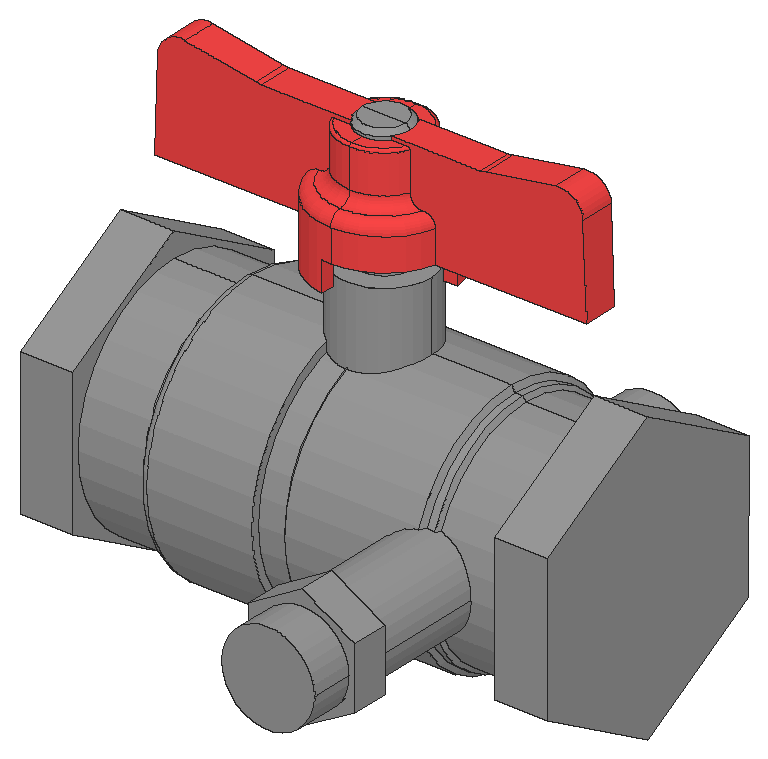
Revit family "BIMLIB_Балансировочный_клапан_LockS_РОСТерм", category Арматура трубопроводов, Revit 2017
Family settings
  Размер круглого соединителя = Использовать диаметр
  Тип детали = Клапан - Вставляется
  На основе рабочей плоскости = Нет
  Всегда вертикально = Нет
  При загрузке вырезать с полостями = Нет
  Общий = Нет
Parameters (values of type "HEIZEN LockS")
  РТ_Перепад давления [instance] = 0.0 kPa
  РТ_Номинальное давление = 25.0 bar  # constant formula
  РТ_Материал_Рукоятка = BIMLIB_Красный_пластик_РТ
  РТ_Kvs [instance] = size_lookup("HEIZEN LOCK S", "BL_Пропускная_способность", 0.0 m³/h, РТ_DN)  # 265.0 m³/h
  РT_L2 [instance] = if(РТ_DN = 15.00 mm, 28.00 mm, if(РТ_DN = 20.00 mm, 33.00 mm, if(РТ_DN = 25.00 mm, 39.00 mm, if(РТ_DN = 32.00 mm, 44.00 mm, if(РТ_DN = 40.00 mm, 49.00 mm, if(РТ_DN = 50.00 mm, 57.00 mm, 0.00 mm))))))  # 57.00 mm
  РT_L1 [instance] = if(РТ_DN = 15.00 mm, 29.00 mm, if(РТ_DN = 20.00 mm, 33.00 mm, if(РТ_DN = 25.00 mm, 39.00 mm, if(РТ_DN = 32.00 mm, 44.00 mm, if(РТ_DN = 40.00 mm, 49.00 mm, if(РТ_DN = 50.00 mm, 57.00 mm, 0.00 mm))))))  # 57.00 mm
  РT_DN_Тип [instance] = if(РТ_DN = 15.00 mm, РТ_DN15, if(РТ_DN = 20.00 mm, РТ_DN20, if(РТ_DN = 25.00 mm, РТ_DN25, if(РТ_DN = 32.00 mm, РТ_DN32, if(РТ_DN = 40.00 mm, РТ_DN40, if(РТ_DN = 50.00 mm, РТ_DN50, РТ_DN15))))))  # DN50 : DN50
  Метод определения потерь = Не задано
  K Coefficient = 0
  URL = "http://rostherm.ru/"
  Изготовитель = "РОСТерм"  # constant formula
  Model = ""
  Описание = "Полнопроходной шаровый кран оснащен штуцером для подключения импульсной трубки. Применяется для перекрытия потока теплоносителя. Может использоваться в качестве клапана партнера с Heizen Auto."
  Assembly Code = ""
  РТ_DN50 [instance] = DN50 : DN50
  РТ_DN40 [instance] = DN40 : DN40
  РТ_DN32 [instance] = DN32 : DN32
  РТ_DN25 [instance] = DN25 : DN25
  РТ_DN20 [instance] = DN20 : DN20
  РТ_DN15 [instance] = DN15 : DN15
  РТ_DN [instance] = 50.00 mm
  BL_Разработано = "support@bimlib.ru"  # constant formula
  BL_Email = "rostherm@bimlib.ru"  # constant formula
  BL_BIM library = "https://bimlib.pro/manufacturer/rosterm/1632/"
  ADSK_Расход жидкости [instance] = 0.0 m³/h
  ADSK_Размер_Длина [instance] = if(РТ_DN = 15.00 mm, 57.00 mm, if(РТ_DN = 20.00 mm, 66.00 mm, if(РТ_DN = 25.00 mm, 78.00 mm, if(РТ_DN = 32.00 mm, 88.00 mm, if(РТ_DN = 40.00 mm, 98.00 mm, if(РТ_DN = 50.00 mm, 114.00 mm, 0.00 mm))))))  # 114.00 mm
  ADSK_Примечание = ""
  ADSK_Позиция = ""
  ADSK_Обозначение [instance] = "ГОСТ 5761-2005"  # constant formula
  ADSK_Наименование краткое [instance] = size_lookup("LOCK_S_Обозначение", "", "-", РТ_DN)  # "HEIZEN LOCK S Ду50"
  ADSK_Наименование [instance] = size_lookup("HEIZEN LOCK S", "", "-", РТ_DN)  # "ЗАПОРНЫЙ КЛАПАН С ФУНКЦИЕЙ ПОДКЛЮЧЕНИЯ ИМПУЛЬСНОЙ ТРУБКИ HEIZEN LOCK S Ду50"
  ADSK_Материал = BIMLIB_Латунь_РT
  ADSK_Масса_Текст [instance] = ""
  ADSK_Масса [instance] = 0
  ADSK_Марка [instance] = size_lookup("LOCK_S_Обозначение", "", "-", РТ_DN)  # "HEIZEN LOCK S Ду50"
  ADSK_Код изделия [instance] = size_lookup("LOCK_S_Артикул", "", "-", РТ_DN)  # "Lock S-00050"
  ADSK_Завод-изготовитель = "Heizen"  # constant formula
  ADSK_Единица измерения = "шт."  # constant formula
  ADSK_Версия Revit = "2017"  # constant formula
  ADSK_URL страницы изделия = "http://rostherm.ru/balansirovochnie_klapani/"
  ADSK_URL документации изделия = "http://rostherm.ru/"
Reference planes
  plane 1 "Centro (Fronte/Retro)": y = 0
  plane 2: z = 0
  plane 3 "Centro (Sinistra/Destra)": x = 0
Lines and regions (mm)
  reference lines
    curve 1: line (-57, 0, 241.941) -> (-57, 0, -178.059)
    curve 2: line (57, 0, 241.941) -> (57, 0, -178.059)
    curve 3: line (-57, 0, 0) -> (57, 0, 0)
Dimensions and locks
  "РT_L1": plane 3 "Centro (Sinistra/Destra)" to curve 1
  "РT_L2": curve 2 to plane 3 "Centro (Sinistra/Destra)"
  aligned and locked: level to plane 2
  aligned and locked: nested 1 to level
  aligned and locked: curve 1 to curve 3
  aligned and locked: curve 3 to plane 2
  aligned and locked: nested 2 to curve 1
Automatic sketch dimensions
  curve 2 to level = 178.059 mm
  curve 1 to curve 2 = 0.00 mm  (x2)
  level to curve 2 = 241.941 mm
Nested families
  nested 1: "DN50" at (0, 0, 0), type <- "РT_DN_Тип", ADSK_Материал <- "ADSK_Материал", РТ_Красный_пластик_Кран <- "РТ_Материал_Рукоятка", type "DN50", detail levels medium+fine
    with ADSK_Материал BIMLIB_Латунь_РT
  nested 2: "УГО_Фронт" at (0, 0, 0), Длина <- "ADSK_Размер_Длина", type "УГО_Фронт"
    with Длина 114.00 mm
  nested 3: "УГО" at (0, 0, 0), Длина <- "ADSK_Размер_Длина", type "УГО", detail levels coarse
    with Длина 114.00 mm
Connectors
  piping at (57, 0, 0), diameter 50, driven by "ADSK_Расход жидкости", driven by "РТ_DN"
    settings: on curve 3, index 1, connector inside diameter 609.6 mm, connector length 0.00 mm, flow factor 0, pipe flow 0.0 m³/h, pressure drop 0.0 kPa, fitting loss kfactor 0, connector angle 0.00°, fixture units 0, engagement length 0.00 mm, angle of deflection 0.00°, flow configuration 0, flow direction 0, fitting loss method 0, system type 29, joint type 0, gender type 0, connector reference index 2, connector utility 0, adjustable connector no, is connector primary yes, connector description ""
  piping at (-57, 0, 0), diameter 50, driven by "ADSK_Расход жидкости", driven by "РТ_DN"
    settings: on curve 3, index 2, connector inside diameter 609.6 mm, connector length 0.00 mm, flow factor 0, pipe flow 0.0 m³/h, pressure drop 0.0 kPa, fitting loss kfactor 0, connector angle 0.00°, fixture units 0, engagement length 0.00 mm, angle of deflection 0.00°, flow configuration 0, flow direction 0, fitting loss method 0, system type 29, joint type 0, gender type 0, connector reference index 1, connector utility 0, adjustable connector no, is connector primary no, connector description ""
Definition of nested family "DN50"
  Parameters (values of type "DN50")
    РТ_Красный_пластик_Кран [instance] = none
    РОСТерм_B = 67.00 mm
    m = 20.00 mm
    Use Nominal Diameter = yes
    URL = ""
    РОСТерм_Radius = 10.00 mm  # constant formula
    РОСТерм_ Diameter = РОСТерм_Radius * 2  # 20.00 mm
    Manufacturer = ""
    Model = ""
    Description = ""
    Assembly Code = ""
    N2 = 57.00 mm
    N1 = 57.00 mm
    L1 = 27.00 mm
    DN [instance] = 50.00 mm
    ADSK_Материал [instance] = none
  Reference planes
    plane 1 "Centro (Fronte/Retro)": y = 0
    plane 2: z = 0
    plane 3 "Centro (Sinistra/Destra)": x = 0
    plane 4: x = 0
    plane 5: x = 57
    plane 6: x = -57
    plane 7: z = 27
    plane 8: x = 28.5
    plane 9: y = -67
  Forms (mm)
    Extrusion 1, solid, material <- "ADSK_Материал", detail levels medium+fine
      sketch origin (0, 0, 0) x (1, 0, 0) y (0, 1, 0)
        loop
          circle (0, 0) r 10.25
      from 0 to 41.794
    Revolve 2, solid, material <- "ADSK_Материал", detail levels medium+fine
      sketch origin (0, 0, 1.875) x (1, 0, 0) y (0, 0, 1)
        loop
          line (0, 0) -> (5.783, 0) -> (5.783, 66.769) -> (4.697, 67.855) -> (0, 67.855) -> (0, 0)
        axis (0, 67.855) -> (0, 0)
      angle from 0 to 360
    Revolve 3, solid, material <- "ADSK_Материал", detail levels medium+fine
      sketch origin (2, 0, 0) x (1, 0, 0) y (0, 0, 1)
        loop
          line (-7.741, 0) -> (-7.741, 28.727) -> (-30.422, 28.727)
          arc (-30.422, 28.727) -> (-31.445, 28.323) -> (-31.918, 27.33) r 1.5
          arc (-31.918, 27.33) -> (-32.376, 26.368) -> (-33.368, 25.977) r 1.453
          line (-33.368, 25.977) -> (-47.742, 25.977) -> (-47.742, 0) -> (-7.741, 0)
        axis (-47.742, 0) -> (-7.741, 0)
      angle from 0 to 360
    Revolve 4, solid, material <- "ADSK_Материал", detail levels medium+fine
      sketch origin (6.004, 0, 0) x (1, 0, 0) y (0, 0, 1)
        loop
          line (39.744, 0) -> (39.744, 24.8) -> (24.483, 24.8) -> (23.919, 25.8) -> (22.154, 25.8) -> (21.477, 27) -> (-6.004, 27) -> (-6.004, 0) -> (39.744, 0)
        axis (39.744, 0) -> (-6.004, 0)
      angle from 0 to 360
    Revolve 5, solid, material <- "ADSK_Материал", detail levels medium+fine
      sketch origin (-4.626, 0, 0) x (1, 0, 0) y (0, 0, 1)
        loop
          line (-1.114, 0) -> (4.626, 0) -> (4.626, 27) -> (-1.114, 27) -> (-1.114, 0)
        axis (-1.114, 0) -> (4.626, 0)
      angle from 0 to 360
    Extrusion 6, solid, material <- "ADSK_Материал", detail levels medium+fine
      sketch origin (0, 0, 0) x (1, 0, 0) y (0, 0, 1)
        loop
          circle (28.5, 0) r 10
      from -36.944 to 67
    Revolve 7, void
      sketch origin (28.5, 66.597, 0) x (0, -1, 0) y (0, 0, 1)
        loop
          line (29.45, 9.155) -> (30.051, 10.445) -> (28.848, 10.445) -> (29.45, 9.155)
        axis (28.848, 0) -> (30.051, 0)
      angle from 0 to 360
    Extrusion 8, solid, material <- "ADSK_Материал", detail levels medium+fine
      sketch origin (-7.752, 0, 0) x (0, 1, 0) y (0, 0, -1)
        loop
          line (0, -31.304) -> (27.11, -15.652) -> (27.11, 15.652) -> (0, 31.304) -> (-27.11, 15.652) -> (-27.11, -15.652) -> (0, -31.304)
      from 37.821 to 49.248
    Extrusion 9, solid, material <- "ADSK_Материал", detail levels medium+fine
      sketch origin (28.5, -18.562, 0) x (1, 0, 0) y (0, 0, 1)
        loop
          line (0, 13.222) -> (-11.451, 6.611) -> (-11.451, -6.611) -> (0, -13.222) -> (11.451, -6.611) -> (11.451, 6.611) -> (0, 13.222)
      from 31.319 to 39.292
    Extrusion 10, solid, material <- "ADSK_Материал", detail levels medium+fine
      sketch origin (7.752, 0, 0) x (0, 1, 0) y (0, 0, 1)
        loop
          line (0, -31.304) -> (27.11, -15.652) -> (27.11, 15.652) -> (0, 31.304) -> (-27.11, 15.652) -> (-27.11, -15.652) -> (0, -31.304)
      from 37.821 to 49.248
  Cuts and joins
    joined: Extrusion 1, Revolve 2
    Revolve 7 cuts Extrusion 6
    joined: Revolve 4, Extrusion 6
  Dimensions and locks
    "N2": plane 5 to plane 4
    "N1": plane 4 to plane 6
    "L1": plane 7 to level
    plane 7 to Revolve 4 sketch curve = 1.20 mm
    plane 7 to Revolve 4 sketch curve = 2.20 mm
    "РОСТерм_B": plane 9 to plane 1 "Centro (Fronte/Retro)"
    equal spacing: plane 5, plane 8, plane 4
    "РОСТерм_Radius": radius of Extrusion 6 sketch curve
    aligned and locked: level to plane 2
    aligned and locked: Revolve 2 sketch curve to plane 3 "Centro (Sinistra/Destra)"
    aligned and locked: Revolve 5 to plane 4
    aligned and locked: Revolve 4 sketch curve to plane 3 "Centro (Sinistra/Destra)"
    aligned and locked: Revolve 5 sketch curve to plane 7
    aligned and locked: plane 7 to Revolve 4 sketch curve
    aligned and locked: Extrusion 6 to plane 9
    aligned and locked: Revolve 3 to Revolve 5
    aligned and locked: Extrusion 8 to plane 6
  Automatic sketch dimensions
    Revolve 4 sketch curve to level = 0.00 mm  (x2)
    Revolve 4 sketch curve to plane 8 = 1.019 mm
    Revolve 4 sketch curve to plane 8 = 0.343 mm
    plane 8 to Revolve 4 sketch curve = 1.423 mm
    Revolve 4 sketch curve to Revolve 4 sketch curve = 0.564 mm
    Revolve 4 sketch curve to plane 5 = 11.252 mm
    Revolve 4 sketch curve to plane 5 = 0.976 mm
    plane 5 to Revolve 4 sketch curve = 2.628 mm
    Extrusion 9 sketch curve to plane 8 = 0.00 mm  (x2)
    Extrusion 9 sketch curve to plane 8 = 11.451 mm
    plane 8 to Extrusion 9 sketch curve = 11.451 mm
    Extrusion 9 sketch curve to level = 13.222 mm
    Extrusion 9 sketch curve to level = 6.611 mm  (x2)
    level to Extrusion 9 sketch curve = 6.611 mm  (x2)
    Extrusion 9 sketch curve to Extrusion 9 sketch curve = 6.611 mm
    Revolve 7 sketch curve to level = 0.00 mm
    level to Revolve 7 sketch curve = 9.155 mm
    Revolve 7 sketch curve to plane 1 "Centro (Fronte/Retro)" = 37.148 mm
    Revolve 7 sketch curve to Revolve 7 sketch curve = 0.601 mm
    Revolve 7 sketch curve to Revolve 7 sketch curve = 1.29 mm
    Revolve 7 sketch curve to Revolve 7 sketch curve = 1.203 mm
    Revolve 7 sketch curve to Revolve 7 sketch curve = 1.205 mm
    Revolve 7 sketch curve to Revolve 7 sketch curve = 9.489 mm
    plane 1 "Centro (Fronte/Retro)" to Extrusion 1 sketch curve = 0.00 mm
    Extrusion 1 sketch curve to plane 3 "Centro (Sinistra/Destra)" = 0.00 mm
    level to Revolve 2 sketch curve = 1.875 mm
    Revolve 2 sketch curve to plane 3 "Centro (Sinistra/Destra)" = 0.00 mm
    plane 3 "Centro (Sinistra/Destra)" to Revolve 2 sketch curve = 4.697 mm
    plane 3 "Centro (Sinistra/Destra)" to Revolve 2 sketch curve = 5.783 mm
    plane 7 to Revolve 2 sketch curve = 41.644 mm
    Revolve 2 sketch curve to Revolve 2 sketch curve = 1.086 mm
    Revolve 2 sketch curve to level = 8.125 mm
    Revolve 2 sketch curve to Revolve 2 sketch curve = 0.855 mm
    Revolve 3 sketch curve to level = 0.00 mm  (x2)
    plane 6 to Revolve 3 sketch curve = 11.258 mm
    Revolve 3 sketch curve to plane 7 = 1.023 mm
    Revolve 3 sketch curve to Revolve 3 sketch curve = 14.374 mm
    plane 7 to Revolve 3 sketch curve = 1.727 mm
    Revolve 3 sketch curve to Revolve 3 sketch curve = 2.946 mm
    Revolve 3 sketch curve to plane 3 "Centro (Sinistra/Destra)" = 5.741 mm
    plane 7 to Revolve 3 sketch curve = 0.227 mm
    plane 7 to Revolve 3 sketch curve = 0.43 mm
    Revolve 3 sketch curve to plane 6 = 9.641 mm
    Revolve 3 sketch curve to Revolve 3 sketch curve = 2.042 mm
    Revolve 5 sketch curve to level = 0.00 mm  (x2)
    Revolve 5 sketch curve to plane 3 "Centro (Sinistra/Destra)" = 0.00 mm
    Revolve 5 sketch curve to Revolve 5 sketch curve = 5.741 mm
    Revolve 5 sketch curve to Revolve 5 sketch curve = 9.483 mm
    plane 3 "Centro (Sinistra/Destra)" to Revolve 5 sketch curve = 2.485 mm
    Extrusion 10 sketch curve to plane 1 "Centro (Fronte/Retro)" = 0.00 mm  (x2)
    Extrusion 10 sketch curve to plane 7 = 11.348 mm  (x2)
    plane 1 "Centro (Fronte/Retro)" to Extrusion 10 sketch curve = 27.11 mm
    Extrusion 10 sketch curve to plane 1 "Centro (Fronte/Retro)" = 27.11 mm
    Extrusion 10 sketch curve to level = 15.652 mm  (x2)
    Extrusion 10 sketch curve to Extrusion 10 sketch curve = 15.652 mm
    plane 7 to Extrusion 10 sketch curve = 4.304 mm
    Extrusion 6 sketch curve to level = 0.00 mm
    Extrusion 6 sketch curve to plane 8 = 0.00 mm
    radius of Extrusion 1 sketch curve = 10.25 mm
  Nested families
    nested 1: "Кран50" at (0, 0, 40.734) x (0, -1, 0) z (0, 0, 1), BL_Материал <- "РТ_Красный_пластик_Кран", type "Кран50", detail levels medium+fine
  Definition of nested family "Кран50"
    Parameters (values of type "Кран50")
      Default Elevation = 1219.20 mm
      Loss Method = (empty or 0)
      BL_Материал [instance] = none
    Reference planes
      plane 1 "Centro (Fronte/Retro)": y = 0
      plane 2: z = 0
      plane 3 "Centro (Sinistra/Destra)": x = 0
      plane 4: z = 6.5
    Forms (mm)
      Extrusion 1, solid
        sketch origin (0, 0, 0) x (1, 0, 0) y (0, 1, 0)
          loop
            line (-1219.2, 1219.2) -> (-1219.2, -1219.2) -> (1219.2, -1219.2) -> (1219.2, 1219.2) -> (-1219.2, 1219.2)
        from 0 to -304.8
      Revolve 2, solid, material <- "BL_Материал", detail levels medium+fine
        sketch origin (0, 0, 0) x (1, 0, 0) y (0, 0, 1)
          loop
            line (0, 0) -> (14.5, 0) -> (14.5, 13.467)
            arc (14.5, 13.467) -> (13.718, 15.299) -> (11.855, 16.002) r 2.538
            arc (11.855, 16.002) -> (10.02, 16.695) -> (9.25, 18.5) r 2.5
            line (9.25, 18.5) -> (9.25, 26.74)
            arc (9.25, 26.74) -> (9.083, 27.142) -> (8.682, 27.309) r 0.568
            line (8.682, 27.309) -> (0, 27.309) -> (0, 0)
          axis (0, 27.309) -> (0, 0)
        angle from 0 to 360
      Extrusion 3, void
        sketch origin (0, 0, 0) x (1, 0, 0) y (0, 1, 0)
          loop
            arc (-2, 11.325) -> (-8.132, 8.132) -> (-11.325, 2) r 11.5
            line (-11.325, 2) -> (-17, 2) -> (-17, -17) -> (2, -17) -> (2, -11.325)
            arc (2, -11.325) -> (8.132, -8.132) -> (11.325, -2) r 11.5
            line (11.325, -2) -> (17.946, -2) -> (17.946, 15.403) -> (-2, 15.403) -> (-2, 11.325)
        from 0 to 6.5
      Extrusion 4, solid, material <- "BL_Материал", detail levels medium+fine
        sketch origin (0, 0, 0) x (0, 1, 0) y (0, 0, 1)
          loop
            line (0, 6.5) -> (46.696, 6.5) -> (46.009, 26.172)
            arc (46.009, 26.172) -> (44.159, 29.883) -> (40.144, 30.921) r 5
            line (40.144, 30.921) -> (24.839, 28.223)
            arc (24.839, 28.223) -> (24.283, 28.149) -> (23.723, 28.125) r 6.429
            line (23.723, 28.125) -> (0, 28.125) -> (-23.723, 28.125)
            arc (-23.723, 28.125) -> (-24.283, 28.149) -> (-24.839, 28.223) r 6.429
            line (-24.839, 28.223) -> (-40.144, 30.921)
            arc (-40.144, 30.921) -> (-44.159, 29.883) -> (-46.009, 26.172) r 5
            line (-46.009, 26.172) -> (-46.696, 6.5) -> (0, 6.5)
        from -3.75 to 3.75
    Cuts and joins
      Extrusion 3 cuts Revolve 2
      joined: Revolve 2, Extrusion 4
    Dimensions and locks
      aligned and locked: plane 2 to Extrusion 1
      aligned and locked: level to Extrusion 1
      aligned and locked: Revolve 2 sketch curve to plane 3 "Centro (Sinistra/Destra)"
Definition of nested family "УГО_Фронт"
  Parameters (values of type "УГО_Фронт")
    Loss Method = (empty or 0)
    Длина [instance] = 100.00 mm
  Reference planes
    plane 1 "Centro (Fronte/Retro)": y = 0
    plane 2: z = 0
    plane 3 "Centro (Sinistra/Destra)": x = 0
    plane 4: through (4267.2, 0, 0) normal (0, -0.7071, 0.7071)
    plane 5: x = 50
    plane 6: x = -50
  Lines and regions (mm)
    model lines, detail levels coarse
      curve 1: line (50, 0, -30) -> (50, 0, 30)
      curve 2: line (-50, 0, -30) -> (-50, 0, 30)
      curve 3: line (50, 0, 30) -> (-50, 0, -30)
      curve 4: line (-50, 0, 30) -> (50, 0, -30)
  Dimensions and locks
    equal spacing: plane 5, plane 3 "Centro (Sinistra/Destra)", plane 6
    "Длина": plane 5 to plane 6
    aligned and locked: level to plane 2
  Automatic sketch dimensions
    curve 3 to plane 6 = 0.00 mm
    curve 3 to plane 5 = 0.00 mm
    level to curve 1 = 30.00 mm
    curve 3 to level = 30.00 mm
    curve 4 to level = 30.00 mm
    level to curve 2 = 30.00 mm
Definition of nested family "УГО"
  Parameters (values of type "УГО")
    Loss Method = (empty or 0)
    Длина [instance] = 100.00 mm
  Reference planes
    plane 1 "Centro (Fronte/Retro)": y = 0
    plane 2: z = 0
    plane 3 "Centro (Sinistra/Destra)": x = 0
    plane 4: through (4267.2, 0, 0) normal (0, -0.7071, 0.7071)
    plane 5: x = 50
    plane 6: x = -50
  Lines and regions (mm)
    symbolic lines
      curve 1: line (-50, -40, 0) -> (50, 40, 0)
      curve 2: line (50, -40, 0) -> (-50, 40, 0)
      curve 3: line (50, 40, 0) -> (50, -40, 0)
      curve 4: line (-50, 40, 0) -> (-50, -40, 0)
  Dimensions and locks
    equal spacing: plane 5, plane 3 "Centro (Sinistra/Destra)", plane 6
    "Длина": plane 5 to plane 6
    aligned and locked: level to plane 2
    aligned and locked: curve 3 to plane 5
    aligned and locked: curve 4 to plane 6
  Automatic sketch dimensions
    plane 1 "Centro (Fronte/Retro)" to curve 3 = 40.00 mm
    plane 1 "Centro (Fronte/Retro)" to curve 4 = 40.00 mm
    curve 4 to plane 1 "Centro (Fronte/Retro)" = 40.00 mm
    curve 1 to plane 1 "Centro (Fronte/Retro)" = 40.00 mm
